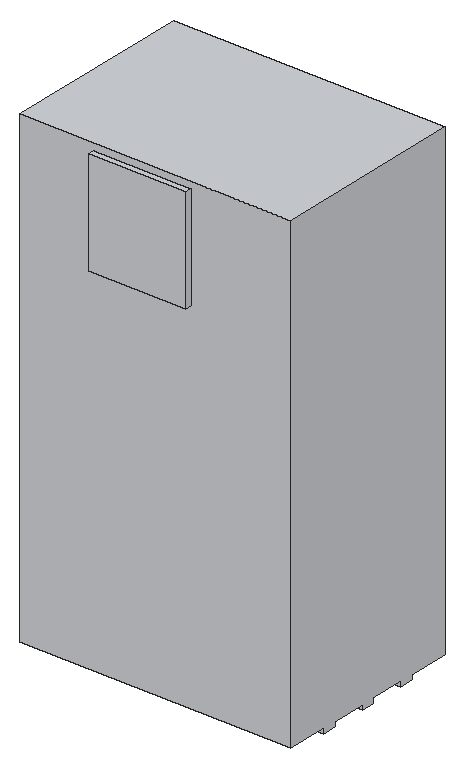
Revit family "44f4f5596b6b49ceb23348a13fdec597", category Mechanical Equipment, Revit 2021
Family settings
  Round Connector Dimension = Use Radius
  Part Type = Normal
  OmniClass Number = 23.75.10.21.17
  OmniClass Title = Water-Source Heat Pumps
  Seek Item ID = WSHP - Vertical - 6.5-10 Tons - Rear Return - Front Discharge-0000-USA-ENU
  Work Plane-Based = No
  Always vertical = Yes
  Cut with Voids When Loaded = No
  Shared = No
  Room Calculation Point = No
Parameters (values of type "8.5 Tons")
  Water Supply Radius = 3/4"
  Water Supply Diameter = Water Supply Radius * 2  # 1 1/2"
  Water Return Radius = 3/4"
  Water Return Diameter = Water Return Radius * 2  # 1 1/2"
  Water Pressure Drop [instance] = 10.10 psi
  Water Flow [instance] = 24 GPM
  Voltage = 460 V
  Supply Air Width = 14 179/256"
  Supply Air Height = 15 205/256"
  Return Air Width = 34 205/256"
  Return Air Height = 23 51/128"
  Pump Width = 2' - 5"
  Pump Material = none
  Pump Length = 3' - 5"
  Pump Height = 5' - 11 1/2"
  Number of Poles = 3
  Load Classification = Cooling
  Drain Flow [instance] = 0 GPM
  Default Elevation = 0' - 0"
  Condensate Radius = 1/2"
  Condensate Diameter = Condensate Radius * 2  # 1"
  C6 Offset 2 = 0' - 2 13/128"
  C6 Offset 1 = 0' - 1"
  C5 Offset 2 = 1' - 10 77/128"
  C5 Offset 1 = 0' - 3 13/128"
  C4 Offset 1 = 0' - 11 51/256"
  C3 Offset 1 = 1' - 2 1/2"
  C2 Offset 1 = 0' - 4"
  C1 Offset 2 = 1' - 8 1/2"
  C1 Offset 1 = 0' - 7 51/128"
  Apparent Load = 8970 VA
  External Static Pressure [instance] = 1.50 in-wg
  Air Flow [instance] = 3500 CFM
Types (4): name | Water Pressure Drop | Water Flow | Supply Air Width | Supply Air Height | C4 Offset 1 | Apparent Load | External Static Pressure | Air Flow
  (no name) | 10.10 psi | 24 GPM | 14 179/256" | 15 205/256" | 0' - 11 51/256" | 8970 VA | 1.50 in-wg | 3500 CFM
  6.5 Tons | 8.60 psi | 18 GPM | 14 179/256" | 15 205/256" | 0' - 11 51/256" | 6026 VA | 1.00 in-wg | 2600 CFM
  8.5 Tons | 10.10 psi | 24 GPM | 14 179/256" | 15 205/256" | 0' - 11 51/256" | 8970 VA | 1.50 in-wg | 3500 CFM
  10 Tons | 13.30 psi | 30 GPM | 18 205/256" | 16 13/128" | 0' - 5 205/256" | 9890 VA | 1.50 in-wg | 4200 CFM
Reference planes (in)
  plane 1 "Center (Front/Back)": y = 0
  plane 2: z = 0
  plane 3 "Center (Left/Right)": x = 0
  plane 4: x = 41
  plane 5: y = 29
  plane 6: z = 72.25
  plane 7: z = 0.75
  plane 8: y = 14.5
  plane 9: y = 15.5
  plane 10: y = 13.5
  plane 11: y = 21.75
  plane 12: y = 7.25
  plane 13: y = 22.75
  plane 14: y = 20.75
  plane 15: y = 8.25
  plane 16: y = 6.25
  plane 17: z = 21.25
  plane 18: y = 4
  plane 19: y = 7.39844
  plane 20: y = 14.5
  plane 21: x = -1
  plane 22: z = 2.10156
  plane 23: x = 40
  plane 24: y = -1
  plane 25: z = 71.25
  plane 26: z = 55.44922
  plane 27: x = 11.19922
  plane 28: x = 25.89844
  plane 29: y = -1
  plane 30: z = 49.64844
  plane 31: x = 37.90234
  plane 32: z = 26.25
  plane 33: x = 3.10156
  plane 34: y = 30
  plane 35: y = 1
Forms (in)
  Extrusion 1, solid, material <- "Pump Material"
    sketch origin (0, 0, 0) x (1, 0, 0) y (0, 1, 0)
      loop
        line (0, 29) -> (0, 0) -> (41, 0) -> (41, 29) -> (0, 29)
    from 0.75 to 72.25
  Extrusion 2, solid, material <- "Pump Material"
    sketch origin (0, 0, 0) x (0, 1, 0) y (0, 0, 1)
      loop
        line (15.5, 0.75) -> (13.5, 0.75) -> (13.5, 0) -> (15.5, 0) -> (15.5, 0.75)
    from 0 to 41
  Extrusion 3, solid, material <- "Pump Material"
    sketch origin (0, 0, 0) x (0, 1, 0) y (0, 0, 1)
      loop
        line (22.75, 0.75) -> (20.75, 0.75) -> (20.75, 0) -> (22.75, 0) -> (22.75, 0.75)
    from 0 to 41
  Extrusion 4, solid, material <- "Pump Material"
    sketch origin (0, 0, 0) x (0, 1, 0) y (0, 0, 1)
      loop
        line (8.25, 0.75) -> (6.25, 0.75) -> (6.25, 0) -> (8.25, 0) -> (8.25, 0.75)
    from 0 to 41
  Extrusion 5, solid, material <- "Pump Material"
    sketch origin (0, 0, 0) x (0, 1, 0) y (0, 0, 1)
      loop
        circle (4, 21.25) r 0.75
    from 0 to -1
  Extrusion 6, solid, material <- "Pump Material"
    sketch origin (0, 0, 0) x (0, 1, 0) y (0, 0, 1)
      loop
        circle (7.39844, 21.25) r 0.75
    from 0 to -1
  Extrusion 7, solid, material <- "Pump Material"
    sketch origin (0, 0, 0) x (0, 1, 0) y (0, 0, 1)
      loop
        circle (14.5, 21.25) r 0.5
    from 0 to -1
  Extrusion 8, solid, material <- "Pump Material"
    sketch origin (0, 0, 0) x (1, 0, 0) y (0, 0, 1)
      loop
        circle (40, 2.10156) r 0.5
    from -1 to 0
  Extrusion 9, solid, material <- "Pump Material"
    sketch origin (0, 0, 0) x (1, 0, 0) y (0, 0, 1)
      loop
        line (11.19922, 71.25) -> (11.19922, 55.44922) -> (25.89844, 55.44922) -> (25.89844, 71.25) -> (11.19922, 71.25)
    from 0 to 1
  Extrusion 10, solid, material <- "Pump Material"
    sketch origin (0, 0, 0) x (1, 0, 0) y (0, 0, 1)
      loop
        line (3.10156, 49.64844) -> (3.10156, 26.25) -> (37.90234, 26.25) -> (37.90234, 49.64844) -> (3.10156, 49.64844)
    from -29 to -30
Cuts and joins
  joined: Extrusion 1, Extrusion 2, Extrusion 3, Extrusion 4, Extrusion 5, Extrusion 6, Extrusion 7, Extrusion 8, Extrusion 9, Extrusion 10
Dimensions and locks (in)
  "Pump Length": plane 3 "Center (Left/Right)" to plane 4
  "Pump Width": plane 5 to plane 1 "Center (Front/Back)"
  locked: plane 7 to plane 2 at 0.75
  "Pump Height": plane 6 to plane 7
  equal spacing: plane 5, plane 8, plane 1 "Center (Front/Back)"
  plane 9 to plane 8 to plane 10 = 0' - 1" locked, 0' - 1" locked
  equal spacing: plane 5, plane 11, plane 8
  equal spacing: plane 8, plane 12, plane 1 "Center (Front/Back)"
  plane 13 to plane 11 to plane 14 = 0' - 1" locked, 0' - 1" locked
  plane 15 to plane 12 to plane 16 = 0' - 1" locked, 0' - 1" locked
  "C1 Offset 2": plane 17 to plane 7
  "C2 Offset 1": plane 18 to plane 1 "Center (Front/Back)"
  "C1 Offset 1": plane 19 to plane 1 "Center (Front/Back)"
  "C3 Offset 1": plane 20 to plane 1 "Center (Front/Back)"
  plane 21 to plane 3 "Center (Left/Right)" = 0' - 1"
  "C6 Offset 2": plane 22 to plane 2
  "C6 Offset 1": plane 4 to plane 23
  locked: plane 6 to plane 25 at 1
  "Supply Air Height": plane 25 to plane 26
  "C4 Offset 1": plane 27 to plane 3 "Center (Left/Right)"
  "Supply Air Width": plane 28 to plane 27
  locked: plane 29 to plane 1 "Center (Front/Back)" at 1
  "C5 Offset 1": plane 33 to plane 3 "Center (Left/Right)"
  "Return Air Width": plane 31 to plane 33
  "C5 Offset 2": plane 6 to plane 30
  "Return Air Height": plane 30 to plane 32
  locked: plane 34 to plane 5 at 1
  locked: plane 35 to plane 1 "Center (Front/Back)" at 1
  "Water Return Radius": radius of Extrusion 5 sketch curve
  "Water Supply Radius": radius of Extrusion 6 sketch curve
  "Condensate Radius": radius of Extrusion 7 sketch curve
  radius of Extrusion 8 sketch curve = 0' - 0 1/2"
  aligned and locked: Extrusion 1 to plane 3 "Center (Left/Right)"
  aligned and locked: plane 5 to Extrusion 1
  aligned and locked: plane 4 to Extrusion 1
  aligned and locked: plane 1 "Center (Front/Back)" to Extrusion 1
  aligned and locked: plane 6 to Extrusion 1
  aligned and locked: Extrusion 1 to plane 7
  aligned and locked: Extrusion 2 to plane 9
  aligned and locked: plane 10 to Extrusion 2
  aligned and locked: plane 7 to Extrusion 2
  aligned and locked: Extrusion 2 to plane 2
  aligned and locked: Extrusion 3 to plane 13
  aligned and locked: plane 14 to Extrusion 3
  aligned and locked: plane 7 to Extrusion 3
  aligned and locked: Extrusion 3 to plane 2
  aligned and locked: Extrusion 4 to plane 15
  aligned and locked: plane 16 to Extrusion 4
  aligned and locked: plane 7 to Extrusion 4
  aligned and locked: Extrusion 4 to plane 2
  aligned and locked: Extrusion 3 to plane 3 "Center (Left/Right)"
  aligned and locked: Extrusion 2 to plane 3 "Center (Left/Right)"
  aligned and locked: Extrusion 4 to plane 3 "Center (Left/Right)"
  aligned and locked: plane 4 to Extrusion 3
  aligned and locked: plane 4 to Extrusion 2
  aligned and locked: plane 4 to Extrusion 4
  aligned and locked: plane 17 to Extrusion 5 sketch curve
  aligned and locked: plane 17 to Extrusion 6 sketch curve
  aligned and locked: plane 17 to Extrusion 7 sketch curve
  aligned and locked: plane 18 to Extrusion 5 sketch curve
  aligned and locked: plane 19 to Extrusion 6 sketch curve
  aligned and locked: plane 20 to Extrusion 7 sketch curve
  aligned and locked: Extrusion 7 to plane 3 "Center (Left/Right)"  (x2)
  aligned and locked: Extrusion 7 to plane 21
  aligned and locked: Extrusion 6 to plane 21
  aligned and locked: Extrusion 5 to plane 21
  aligned and locked: plane 3 "Center (Left/Right)" to Extrusion 6
  aligned and locked: plane 3 "Center (Left/Right)" to Extrusion 5
  aligned and locked: plane 22 to Extrusion 8 sketch curve
  aligned and locked: plane 23 to Extrusion 8 sketch curve
  aligned and locked: plane 25 to Extrusion 9
  aligned and locked: Extrusion 9 to plane 26
  aligned and locked: Extrusion 9 to plane 27
  aligned and locked: plane 28 to Extrusion 9
  aligned and locked: Extrusion 9 to plane 1 "Center (Front/Back)"
  aligned and locked: Extrusion 9 to plane 29
  aligned and locked: plane 30 to Extrusion 10
  aligned and locked: Extrusion 10 to plane 32
  aligned and locked: Extrusion 10 to plane 31
  aligned and locked: Extrusion 10 to plane 33
  aligned and locked: Extrusion 10 to plane 5
  aligned and locked: plane 34 to Extrusion 10
  aligned and locked: plane 35 to Extrusion 8
  aligned and locked: plane 1 "Center (Front/Back)" to Extrusion 8
Automatic sketch dimensions
  plane 3 "Center (Left/Right)" to Extrusion 1 sketch curve = 0' - 0"
  Extrusion 1 sketch curve to plane 1 "Center (Front/Back)" = 0' - 0"
  plane 4 to Extrusion 1 sketch curve = 0' - 0"
  plane 5 to Extrusion 1 sketch curve = 0' - 0"
  plane 8 to Extrusion 2 sketch curve = 0' - 1"
  Extrusion 2 sketch curve to plane 8 = 0' - 1"
  Extrusion 2 sketch curve to level = 0' - 0"
  plane 7 to Extrusion 2 sketch curve = 0' - 0"
  plane 11 to Extrusion 3 sketch curve = 0' - 1"
  Extrusion 3 sketch curve to plane 11 = 0' - 1"
  Extrusion 3 sketch curve to level = 0' - 0"
  plane 7 to Extrusion 3 sketch curve = 0' - 0"
  plane 12 to Extrusion 4 sketch curve = 0' - 1"
  Extrusion 4 sketch curve to level = 0' - 0"
  Extrusion 4 sketch curve to plane 12 = 0' - 1"
  plane 7 to Extrusion 4 sketch curve = 0' - 0"
  plane 27 to Extrusion 9 sketch curve = 0' - 0"
  Extrusion 9 sketch curve to plane 28 = 0' - 0"
  plane 26 to Extrusion 9 sketch curve = 0' - 0"
  Extrusion 9 sketch curve to plane 25 = 0' - 0"
  Extrusion 10 sketch curve to plane 27 = 0' - 8 25/256"
  plane 28 to Extrusion 10 sketch curve = 1' - 0 1/256"
  plane 17 to Extrusion 10 sketch curve = 0' - 5"
  Extrusion 10 sketch curve to plane 26 = 0' - 5 205/256"
Connectors (in)
  piping at (-1, 7.39844, 21.25), diameter 1.5, driven by "Water Flow", driven by "Water Supply Radius"
    settings: on Extrusion 6, index 1, connector inside diameter 1 1/2", connector length 0' - 0", flow factor 0, pipe flow 24 GPM, pressure drop 0.00 psi, fitting loss kfactor 0, connector angle 0.00°, fixture units 0, engagement length 0' - 0", angle of deflection 0.00°, flow configuration 1, flow direction 1, fitting loss method 0, system type 7, joint type 0, gender type 0, connector reference index 2, connector utility 0, adjustable connector no, is connector primary yes, connector description "Water Supply In"
  piping at (-1, 4, 21.25), diameter 1.5, driven by "Water Flow", driven by "Water Pressure Drop", driven by "Water Return Radius"
    settings: on Extrusion 5, index 2, connector inside diameter 1 1/2", connector length 0' - 0", flow factor 0, pipe flow 24 GPM, pressure drop 10.10 psi, fitting loss kfactor 0, connector angle 0.00°, fixture units 0, engagement length 0' - 0", angle of deflection 0.00°, flow configuration 1, flow direction 2, fitting loss method 4, system type 8, joint type 0, gender type 0, connector reference index 1, connector utility 0, adjustable connector no, is connector primary no, connector description "Water Return Out"
  piping at (-1, 14.5, 21.25), diameter 1, driven by "Condensate Radius", driven by "Drain Flow"
    settings: on Extrusion 7, index 3, connector inside diameter 1", connector length 0' - 0", flow factor 0, pipe flow 0 GPM, pressure drop 0.00 psi, fitting loss kfactor 0, connector angle 0.00°, fixture units 0, engagement length 0' - 0", angle of deflection 0.00°, flow configuration 1, flow direction 2, fitting loss method 0, system type 16, joint type 0, gender type 0, connector reference index -1, connector utility 0, adjustable connector yes, is connector primary no, connector description "Condensate Out"
  hvac at (18.54883, -1, 63.34961), driven by "Air Flow", driven by "Supply Air Height", driven by "Supply Air Width"
    settings: on Extrusion 9, index 4, duct flow 3500 CFM, flow factor 0, pres drop 1.50 in-wg, loss coef 0, conn angle 0.00°, conn width 14 179/256", conn height 15 205/256", conn diameter 24", duct sys type 1, conn prof type 1, flow config 0, flow direction 2, loss method 0, conn ref index 5, conn util no, is conn primary yes, conn desc ""
  hvac at (20.50195, 30, 37.94922), driven by "Air Flow", driven by "Return Air Height", driven by "Return Air Width"
    settings: on Extrusion 10, index 5, duct flow 3500 CFM, flow factor 0, pres drop 0.00 in-wg, loss coef 0, conn angle 0.00°, conn width 34 205/256", conn height 23 51/128", conn diameter 24", duct sys type 2, conn prof type 1, flow config 0, flow direction 1, loss method 0, conn ref index 4, conn util no, is conn primary no, conn desc ""
  electrical at (40, 0, 2.10156), driven by "Apparent Load", driven by "Voltage", driven by "Number of Poles", driven by "Load Classification"
    settings: on Extrusion 8, index 6, voltage 460 V, apparent load 8970 VA, apparent load phase1 0 VA, apparent load phase2 0 VA, apparent load phase3 0 VA, power factor 0.8, load classification "Cooling", number of poles 3, system type 30, power factor state 1, is connector primary yes, connector utility no, sub classification motor no, connector description ""
